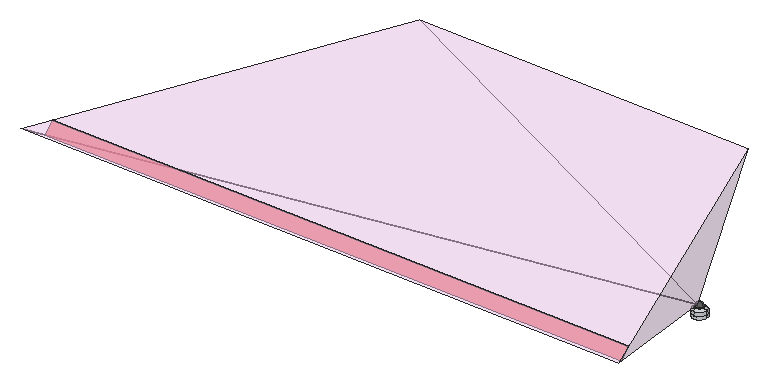
Revit family "Camera-Security-iPRO-Super_Dynamic-2MP_Vandal_Resistant_Outdoor_PTZ-_Network-WV-U65300-ZYX", category Security Devices, host Face, Revit 2020
Family settings
  Host = Face
  Maintain Annotation Orientation = No
  Round Connector Dimension = Use Diameter
  Part Type = Normal
  OmniClass Number = 23.85.10.14.11
  OmniClass Title = Cameras
  Cut with Voids When Loaded = No
  Shared = No
  Room Calculation Point = No
Parameters (values of type "WV-U65300-ZY")
  z Yaw Actual [instance] = if(and(On Wall, not(On Ceiling)), 0.00°, 180.00°)  # 180.00°
  z VV Viewpoint Depth Min = z VV Viewpoint Depth Max  # 1.28295"
  z VV Viewpoint Depth Max = 1.28295"  # constant formula
  z VV Viewpoint Depth [instance] = (z VV Viewpoint Depth Max - z VV Viewpoint Depth Min) * z HFOV Ratio + z VV Viewpoint Depth Min  # 1.28295"
  z VV Origin Height [instance] = if(and(On Ceiling, Has Embedded Ceiling Mount), 0.64173", 3.7126")  # 3.7126"
  z Tilt Actual [instance] = Tilt Actual  # 45.00°
  z Pan Actual Safe [instance] = if(Pan Actual = -180.00°, 180.00°, Pan Actual)  # 0.00°
  z Pan Actual [instance] = Pan Actual  # 0.00°
  z HFOV Ratio [instance] = (Horizontal FOV Actual - Horizontal FOV Min) / (Horizontal FOV Max - Horizontal FOV Min)  # 0.31169
  z Const Yaw Handle Length = 9.25197"  # constant formula
  z Const Yaw Base2 Length = 17.32283"  # constant formula
  z Const Yaw Base Length = 10.23622"  # constant formula
  z Const Tilt Handle Length = 11.81102"  # constant formula
  z Const Tilt Base2 Length = 19.68504"  # constant formula
  z Const Tilt Base Length = 9.84252"  # constant formula
  z Const Pan Handle Length = 19.48819"  # constant formula
  not(Has Embedded Ceiling Mount) [instance] = not(Has Embedded Ceiling Mount)  # yes
  z Camera Center Offset [instance] = 0.000"  # constant formula
  z Camera Bottom Offset [instance] = if(Has Embedded Ceiling Mount, 5.31496" - 2.24409", 0.000")  # 0.000"
  Yawing Range = "±0°"  # constant formula
  Yaw Min = 0.00°  # constant formula
  Yaw Max = 0.00°  # constant formula
  Wide Dynamic Range = (1 = 1)  # yes
  Weight [instance] = 3.53 lbf  # constant formula
  Water and Dust Resistance = "IP66, IEC60529 measuring standard compatible, Type 4X(UL50E), NEMA 4X compliant"  # constant formula
  Voltage [instance] = if(Power Supply type is PoE, 48 V, 12 V)  # 48 V
  Vertical FOV Min [instance] = if(and(Aspect Ratio 4_3, not(Aspect Ratio 16_9)), VFOV Min 43, VFOV Min 169)  # 20.00°
  Vertical FOV Max [instance] = if(and(Aspect Ratio 4_3, not(Aspect Ratio 16_9)), VFOV Max 43, VFOV Max 169)  # 60.00°
  Vertical FOV Actual [instance] = z HFOV Ratio * (Vertical FOV Max - Vertical FOV Min) + Vertical FOV Min  # 32.4675°
  Vandal Resistant = (1 = 1)  # yes
  VFOV Min 43 = 20.00°  # constant formula
  VFOV Min 169 = 20.00°  # constant formula
  VFOV Max 43 = 60.00°  # constant formula
  VFOV Max 169 = 60.00°  # constant formula
  URL = "https://i-pro.com/corp/en/"
  Tilting Range = "-30 to +90°"  # constant formula
  Tilt Min = 0.00°  # constant formula
  Tilt Max = 90.00°  # constant formula
  Tilt Desired [instance] = 45.00°
  Tilt Actual [instance] = if(Tilt Desired > Tilt Max, Tilt Max, if(Tilt Desired < Tilt Min, Tilt Min, Tilt Desired))  # 45.00°
  Super Dynamic Range = (1 = 1)  # yes
  Storage Temperature = Operational Temperature  # "-30 °C to +55 °C (-22 °F to +131 °F)"
  Show View Volume [instance] = yes
  Shock Resistance = "IK10 (IEC 62262)"  # constant formula
  Resolution_HD [instance] = not(Resolution_FullHD)  # no
  Resolution_FullHD [instance] = yes
  Regulatory Compliance = "UL (UL62368-1), c-UL (CSA C22.2 No.62368-1), CE, IEC62368-1, FCC (Part15 ClassA), ICES-003 Issue 7 ClassA, EN55032 ClassA, EN55035"  # constant formula
  Provide Feedback = "https://i-pro.com/corp/en/contact-list/"
  Product Page URL = "https://i-pro.com/global/en/surveillance/products/wv-u65300-zy"
  Product Material = Paint - i-Pro White
  Product Documentation Link = "https://bizpartner.panasonic.net/public/product/wv-u65300-zy?accordion_tab=96"
  Power Supply type is PoE [instance] = yes
  Power Supply Type [instance] = if(Power Supply type is PoE, "PoE", "DC")  # "PoE"
  Power Active [instance] = if(Power Supply type is PoE, 12.0 W, 10.7 W)  # 12.0 W
  Part Number = Model  # "WV-U65300-ZY"
  Part Description = Description  # "Security Camera, 2MP 3.1x Outdoor PTZ Network Camera, WV-U65300-ZY"
  Panning Range = "0 to +350°"  # constant formula
  Pan Min = 0.00°  # constant formula
  Pan Max = 350.00°  # constant formula
  Pan Desired [instance] = 0.00°
  Pan Actual [instance] = if(Pan Desired > Pan Max, Pan Max, if(Pan Desired < Pan Min, Pan Min, Pan Desired))  # 0.00°
  PPM Desired [instance] = 300
  PPM Actual [instance] = if(PPM Desired > 1, PPM Desired, 1)  # 300
  Original Creation Date = "2022/08/10"  # constant formula
  Operational Temperature = "-30 °C to +55 °C (-22 °F to +131 °F)"  # constant formula
  Operational Humidity = "10 to 100 % (no condensation)"  # constant formula
  On Wall [instance] = not(On Ceiling)  # no
  On Ceiling [instance] = yes
  Mounting Positions = "Mount Dependent or Surface Mount"  # constant formula
  Model Disclaimer = "Contact i-PRO for more information"  # constant formula
  Model = "WV-U65300-ZY"  # constant formula
  Minimum Illumination = 0.010 lx  # constant formula
  Manufacturer = "i-PRO Co., Ltd."  # constant formula
  Indoor Or Outdoor = "Outdoor"  # constant formula
  IP Or Analog = "IP"  # constant formula
  Horizontal Resolution Actual [instance] = if(and(Aspect Ratio 4_3, not(Aspect Ratio 16_9)), Horizontal Resolution 43, Horizontal Resolution 169)  # 1920
  Horizontal Resolution 43 [instance] = if(and(Resolution_HD, not(Resolution_FullHD)), 1280, 2048)  # 2048
  Horizontal Resolution 169 [instance] = if(and(Resolution_HD, not(Resolution_FullHD)), 1280, 1920)  # 1920
  Horizontal FOV Min [instance] = if(and(Aspect Ratio 4_3, not(Aspect Ratio 16_9)), HFOV Min 43, HFOV Min 169)  # 36.00°
  Horizontal FOV Max [instance] = if(and(Aspect Ratio 4_3, not(Aspect Ratio 16_9)), HFOV Max 43, HFOV Max 169)  # 113.00°
  Horizontal FOV Desired [instance] = 60.00°
  Horizontal FOV Actual [instance] = if(Horizontal FOV Desired > Horizontal FOV Max, Horizontal FOV Max, if(Horizontal FOV Desired < Horizontal FOV Min, Horizontal FOV Min, Horizontal FOV Desired))  # 60.00°
  Height = 5.27559"  # constant formula
  Has POE = (1 = 1)  # yes
  Has Embedded Ceiling Mount [instance] = no
  HFOV Min 43 = 26.00°  # constant formula
  HFOV Min 169 = 36.00°  # constant formula
  HFOV Max 43 = 82.00°  # constant formula
  HFOV Max 169 = 113.00°  # constant formula
  Family Version = "1.0.0"  # constant formula
  Equipment Number [instance] = ""
  Equipment Abbreviation = "SC"  # constant formula
  Distance to Screen [instance] = 393.70079"
  Distance to PPM Target [instance] = if(PPM Actual = 0, 0.000", 39.37008" * Horizontal Resolution Actual / (PPM Actual * 2 * tan(Horizontal FOV Actual / 2)))  # 218.21113"
  Distance to Floor [instance] = 118.11024"
  Distance to Ceiling [instance] = 0.000"
  Diameter = 6.10236"  # constant formula
  Description = "Security Camera, 2MP 3.1x Outdoor PTZ Network Camera, WV-U65300-ZY"  # constant formula
  Default Elevation = 0.000"
  Day Or Night = "Yes"  # constant formula
  Date Last Modified = "2022/08/10"  # constant formula
  Copyright = "Copyright © i-PRO Co., Ltd."  # constant formula
  Communication Ports = "10Base-T / 100Base-TX, RJ45 connector"  # constant formula
  Audio Out = "Yes"  # constant formula
  Audio In = "Yes"  # constant formula
  Aspect Ratio 4_3 [instance] = not(Aspect Ratio 16_9)  # no
  Aspect Ratio 16_9 [instance] = yes
  Angle Of View = "113"
  Alarm Input Or Output Specification = "ALARM IN 1 (Alarm input 1/ Black & white input/ Auto time adjustment input) (x1) ALARM IN 2 (Alarm input 2/ ALARM OUT) (x1), ALARM IN 3 (Alarm input 3/ AUX OUT) (x1)"  # constant formula
  Accessory Part Number [instance] = if(Has Embedded Ceiling Mount, "WV-QEM502-W", "Select a Mounting Option")  # "Select a Mounting Option"
Reference planes (in)
  plane 1 "Center (Front/Back)": y = 0
  plane 2: z = 0
  plane 3 "Center (Left/Right)": x = 0
  plane 4 "Body Bottom": z = 0
  plane 5: y = 0
  plane 6 "BP": z = 3.7126
  plane 7: z = 0
Lines and regions (in)
  symbolic lines, not visible
    curve 1: line (-1.15, -2.6875, 0) -> (1.15, -2.6875, 0)
Dimensions and locks (in)
  "z Camera Bottom Offset": level to plane 7
  "z VV Origin Height": plane 6 "BP" to level
  aligned and locked: plane 2 to host face
  aligned and locked: level to host face
  aligned and locked: plane 5 to nested 1
  aligned and locked: nested 2 to plane 3 "Center (Left/Right)"
  aligned and locked: nested 2 to plane 1 "Center (Front/Back)"
Automatic sketch dimensions
  host sketch curve to host sketch curve = 96.000"  (x2)
  curve 1 to plane 3 "Center (Left/Right)" = 1.150"
  plane 3 "Center (Left/Right)" to curve 1 = 1.150"
  plane 1 "Center (Front/Back)" to curve 1 = 2.6875"
Nested families (in)
  nested 1: "CeilingMount" at (0, 0, 0), Has Ceiling Mount <- "Has Embedded Ceiling Mount", Product Material <- "Product Material", type "Mount"
    with Product Material Paint - i-Pro White, Has Ceiling Mount no
  nested 2: "Camera-Security-Panasonic-ViewVolumePTYZ" at (0, 0, 3.7126), Viewpoint Depth <- "z VV Viewpoint Depth", Base Height Offset <- "z VV Origin Height", Yaw <- "z Yaw Actual", Tilt <- "Tilt Actual", Pan <- "Pan Actual", HFOV <- "Horizontal FOV Actual", VFOV <- "Vertical FOV Actual", On Wall <- "On Wall", On Ceiling <- "On Ceiling", Screen Depth <- "Distance to Screen", Floor Distance <- "Distance to Floor", Ceiling Distance <- "Distance to Ceiling", Target Depth <- "Distance to PPM Target", visible <- "Show View Volume", type "Camera-Security-Panasonic-ViewVolumePTYZ"
    with z Yaw Actual 180.00°, z Void Width 1251.99919", z Void Thickness 398.69634", z Void Height Start -625.99959", z Void Height End 625.99959", z Void Direction 0, z Void Angle 0.00°, z Viewpoint Depth 1.28295", z Tilt Actual 45.00°, z Target Width 251.9685", z Target Visible yes, z Target Height 127.07134", z Target Depth 219.49408", z Screen Width 454.60651", z Screen Height 229.2646", z Screen Depth 394.98374", z Pan Actual 0.00°, z Floor Distance 118.11024", z Ceiling Distance 0.000", Yaw 180.00°, Viewpoint Origin Horizontal Offset 0.000", Viewpoint Depth 1.28295", VFOV 32.4675°, Tilt 45.00°, Target Depth 218.21113", Screen Depth 393.70079", Pan 0.00°, On Wall no, On Floor no, On Default Mount Type 0, On Ceiling yes, HFOV 60.00°, Floor Distance 118.11024", Ceiling Distance 0.000", Base Height Offset 3.7126", Base Angle Offset 0.00°
  nested 3: "CameraBody WV-U65300-ZY" at (0, 0, 0), Body Visible <- "not(Has Embedded Ceiling Mount)", type "CameraBody WV-U65300-ZY"
    with Product Material none, Body Visible yes
Connectors (in)
  electrical at (0, 0, 0), driven by "Voltage", driven by "Power Active", driven by "Power Active"
    settings: index 1, voltage 48 V, apparent load 12.0 W, apparent load phase1 12.0 W, apparent load phase2 0.0 W, apparent load phase3 0.0 W, power factor 1, load classification "Other", number of poles 1, system type 30, power factor state 1, is connector primary yes, connector utility no, sub classification motor no, connector description "Electrical Connection"
  electrical at (0, 0, 0)
    settings: index 2, voltage 0 V, apparent load 0.0 W, apparent load phase1 0.0 W, apparent load phase2 0.0 W, apparent load phase3 0.0 W, power factor 1, load classification "Other", number of poles 1, system type 5, power factor state 1, is connector primary no, connector utility no, sub classification motor no, connector description "Data Connection"
Definition of nested family "Camera-Security-Panasonic-ViewVolumePTYZ"
  Parameters
    z Yaw Actual [instance] = if(Yaw < 0.00°, 360.00° - (abs(Yaw) - rounddown(abs(Yaw) / 360.00°) * 360.00°), Yaw - rounddown(Yaw / 360.00°) * 360.00°)  # 0.00°
    z Void Width [instance] = if(z Screen Width > z Screen Height, z Screen Width, z Screen Height) + abs(Viewpoint Origin Horizontal Offset) + z Void Thickness * 2  # 1265.63013"
    z Void Thickness [instance] = z Screen Depth + abs(Base Height Offset)  # 405.51181"
    z Void Height Start [instance] = -z Void Width / 2  # -632.81507"
    z Void Height End [instance] = z Void Width / 2  # 632.81507"
    z Void Direction [instance] = if((if(On Wall, 1, 0) + if(On Floor, 1, 0) + if(On Ceiling, 1, 0)) = 1, if(On Ceiling, 0, if(On Wall, 1, 2)), On Default Mount Type)  # 0
    z Viewpoint Depth [instance] = if(Viewpoint Depth < 0.03937", 0.03937", Viewpoint Depth)  # 5.90551"
    z Tilt Actual [instance] = if(Tilt < 0.00°, 360.00° - (abs(Tilt) - rounddown(abs(Tilt) / 360.00°) * 360.00°), Tilt - rounddown(Tilt / 360.00°) * 360.00°)  # 45.00°
    z Target Visible [instance] = not(Screen Depth < Target Depth)  # yes
    z Target Thickness Start = -z Target Thickness / 2  # -0.03937"
    z Target Thickness End = z Target Thickness / 2  # 0.03937"
    z Target Depth [instance] = Target Depth + Viewpoint Depth  # 84.64567"
    z Pan Actual [instance] = if(Pan < 0.00°, 360.00° - (abs(Pan) - rounddown(abs(Pan) / 360.00°) * 360.00°), Pan - rounddown(Pan / 360.00°) * 360.00°)  # 0.00°
    z Floor Distance [instance] = if(z Void Direction = 2, if(Floor Distance < 0.000", 0.000", Floor Distance), if(Floor Distance < 0.3937", 0.3937", Floor Distance))  # 118.11024"
    z Const Yaw Base2 Length = 17.32283"  # constant formula
    z Const Tilt Base2 Length = 19.68504"  # constant formula
    z Ceiling Distance [instance] = if(z Void Direction = 2, if(Ceiling Distance < 0.3937", 0.3937", Ceiling Distance), if(Ceiling Distance < 0.000", 0.000", Ceiling Distance))  # 0.000"
    z Const Void Handle Length = 23.62205"  # constant formula
    z Void Angle [instance] = if(z Void Direction = 0, 0.00° + Base Angle Offset, if(z Void Direction = 1, 90.00° + Base Angle Offset, 180.00° + Base Angle Offset))  # 0.00°
    z Screen Depth [instance] = if(Screen Depth < 3.93701", 3.93701" + Viewpoint Depth, Screen Depth + Viewpoint Depth)  # 399.6063"
    Original Creation Date = "September, 15, 2016"  # constant formula
    On Default Mount Type [instance] = 0
    Manufacturer = "Panasonic"  # constant formula
    Family Version = "1.0.0"  # constant formula
    Default Elevation = 48.000"
    Date Last Modified = "September, 15, 2016"  # constant formula
    Copyright = "Copyright © Panasonic"  # constant formula
    Base Height Offset [instance] = 5.90551"
    Base Angle Offset [instance] = 0.00°
    z Viewpoint Width = 0.03937"  # constant formula
    z Viewpoint Height = 0.03937"  # constant formula
    VFOV [instance] = 33.75°
    z Target Width [instance] = Target Depth * tan(HFOV / 2) * 2  # 90.9213"
    z Target Thickness = 0.07874"  # constant formula
    z Target Height [instance] = Target Depth * tan(VFOV / 2) * 2  # 47.77113"
    Target Depth [instance] = 78.74016"
    z Screen Width [instance] = (z Screen Depth - Viewpoint Depth) * tan(HFOV / 2) * 2  # 454.60651"
    z Screen Height [instance] = (z Screen Depth - Viewpoint Depth) * tan(VFOV / 2) * 2  # 238.85566"
    Screen Depth [instance] = 393.70079"
    z Const Yaw Handle Length = 9.25197"  # constant formula
    z Const Yaw Base Length = 10.23622"  # constant formula
    Viewpoint Depth [instance] = 5.90551"
    Viewpoint Origin Horizontal Offset [instance] = 0.000"
    z Const Tilt Handle Length = 14.17323"  # constant formula
    z Const Tilt Base Length = 9.84252"  # constant formula
    z Const Pan Handle Length = 19.68504"  # constant formula
    z Const Pan Axis Length = 15.74803"  # constant formula
    On Wall [instance] = no
    On Floor [instance] = no
    On Ceiling [instance] = yes
    HFOV [instance] = 60.00°
    Yaw [instance] = 0.00°
    Tilt [instance] = 45.00°
    Pan [instance] = 0.00°
    Floor Distance [instance] = 118.11024"
    Ceiling Distance [instance] = 0.000"
  Reference planes (in)
    plane 1 "Center (Front/Back)": y = 0
    plane 2: z = 0
    plane 3 "Center (Left/Right)": x = 0
    plane 4 "VoidOffsetBase": z = -5.90551
  Forms (in)
    Extrusion 1, void
      sketch origin (0, 0, -5.90551) x (0, 0, 1) y (0, -1, 0)
        loop
          line (523.62205, 632.81507) -> (118.11024, 632.81507) -> (118.11024, -632.81507) -> (523.62205, -632.81507) -> (523.62205, 632.81507)
        loop
          line (0, 632.81507) -> (-405.51181, 632.81507) -> (-405.51181, -632.81507) -> (0, -632.81507) -> (0, 632.81507)
      from -632.81507 <- "z Void Height Start" to 632.81507 <- "z Void Height End"
    Blend 2, solid
      base sketch origin (0, -4.17583, 4.17583) x (0, 0.707107, 0.707107) y (-1, 0, 0)
        loop
          line (-0.01969, -0.01969) -> (0.01969, -0.01969) -> (0.01969, 0.01969) -> (-0.01969, 0.01969) -> (-0.01969, -0.01969)
      top sketch origin (0, -282.56432, 282.56432) x (0, 0.707107, 0.707107) y (-1, 0, 0)
        loop
          line (-119.42783, -227.30326) -> (119.42783, -227.30326) -> (119.42783, 227.30326) -> (-119.42783, 227.30326) -> (-119.42783, -227.30326)
      from 0 to 0
    Extrusion 3, solid, visible <- "z Target Visible"
      sketch origin (0, -59.85353, 59.85353) x (0, 0.707107, 0.707107) y (-1, 0, 0)
        loop
          line (-23.88557, -45.46065) -> (23.88557, -45.46065) -> (23.88557, 45.46065) -> (-23.88557, 45.46065) -> (-23.88557, -45.46065)
      from -0.03937 <- "z Target Thickness Start" to 0.03937 <- "z Target Thickness End"
  Cuts and joins
    Extrusion 1 cuts Blend 2
    Extrusion 1 cuts Extrusion 3
  Lines and regions (in)
    reference lines
      curve 1: line (0, 0, 0) -> (19.68504, 0, 0)
      curve 2: line (0, 0, -15.74803) -> (0, 0, 0)
      curve 3: line (0, 0, 0) -> (0, -9.84252, 0)
      curve 4: line (0, 0, 0) -> (0, 0, 19.68504)
      curve 5: line (0, -10.02199, 10.02199) -> (0, 0, 0)
      curve 6: line (0, 0, 0) -> (0, 7.2381, 7.2381)
      curve 7: line (0, 0, 0) -> (-17.32283, 0, 0)
      curve 8: line (0, 0, 0) -> (-9.25197, 0, 0)
      curve 9: line (0, -4.17583, 4.17583) -> (0, 0, 0)
      curve 10: line (0, 0, 0) -> (0, -59.85353, 59.85353)
      curve 11: line (0, 0, 0) -> (0, -282.56432, 282.56432)
      curve 12: line (-0.01969, -4.16191, 4.18975) -> (0.01969, -4.16191, 4.18975)
      curve 13: line (-0.01969, -4.18975, 4.16191) -> (0.01969, -4.18975, 4.16191)
      curve 14: line (-0.01969, -4.16191, 4.18975) -> (-0.01969, -4.18975, 4.16191)
      curve 15: line (0.01969, -4.16191, 4.18975) -> (0.01969, -4.18975, 4.16191)
      curve 16: line (-45.46065, -42.96388, 76.74317) -> (45.46065, -42.96388, 76.74317)
      curve 17: line (-45.46065, -76.74317, 42.96388) -> (45.46065, -76.74317, 42.96388)
      curve 18: line (-45.46065, -42.96388, 76.74317) -> (-45.46065, -76.74317, 42.96388)
      curve 19: line (45.46065, -42.96388, 76.74317) -> (45.46065, -76.74317, 42.96388)
      curve 20: line (-227.30326, -198.1161, 367.01255) -> (-227.30326, -367.01255, 198.1161)
      curve 21: line (227.30326, -198.1161, 367.01255) -> (227.30326, -367.01255, 198.1161)
      curve 22: line (-227.30326, -198.1161, 367.01255) -> (227.30326, -198.1161, 367.01255)
      curve 23: line (-227.30326, -367.01255, 198.1161) -> (227.30326, -367.01255, 198.1161)
      curve 24: line (0, 0, -5.90551) -> (0, 0, 17.71654)
      curve 25: line (0, -632.81507, 517.71654) -> (0, 632.81507, 517.71654)
      curve 26: line (0, -632.81507, 112.20472) -> (0, -632.81507, 517.71654)
      curve 27: line (0, 632.81507, 112.20472) -> (0, -632.81507, 112.20472)
      curve 28: line (0, 632.81507, 517.71654) -> (0, 632.81507, 112.20472)
      curve 29: line (0, -632.81507, -5.90551) -> (0, 632.81507, -5.90551)
      curve 30: line (0, -632.81507, -411.41732) -> (0, -632.81507, -5.90551)
      curve 31: line (0, 632.81507, -411.41732) -> (0, -632.81507, -411.41732)
      curve 32: line (0, 632.81507, -5.90551) -> (0, 632.81507, -411.41732)
  Dimensions and locks (in)
    "z Const Pan Handle Length": curve 1 to curve 1
    "z Const Pan Axis Length": curve 2 to curve 2
    "z Const Tilt Base Length": curve 3 to curve 3
    "z Const Pan Axis Length": curve 1 to curve 2
    "Viewpoint Origin Horizontal Offset": curve 4 to curve 2
    "z Const Tilt Base2 Length": curve 4 to curve 4
    "z Const Tilt Handle Length": curve 5 to curve 5
    "z Const Yaw Base Length": curve 6 to curve 6
    "z Const Yaw Base2 Length": curve 7 to curve 7
    "z Const Yaw Handle Length": curve 8 to curve 8
    "z Viewpoint Depth": curve 9 to curve 9
    "z Target Depth": curve 10 to curve 10
    "z Screen Depth": curve 11 to curve 11
    equal spacing: curve 13, curve 9, curve 12
    "z Viewpoint Height": curve 13 to curve 12
    equal spacing: curve 14, curve 9, curve 15
    "z Viewpoint Width": curve 14 to curve 15
    equal spacing: curve 17, curve 10, curve 16
    "z Target Height": curve 17 to curve 16
    equal spacing: curve 18, curve 10, curve 19
    "z Target Width": curve 18 to curve 19
    equal spacing: curve 20, curve 11, curve 21
    "z Screen Width": curve 20 to curve 21
    equal spacing: curve 23, curve 11, curve 22
    "z Screen Height": curve 23 to curve 22
    "z Const Void Handle Length": curve 24 to curve 24
    equal spacing: curve 26, curve 24, curve 28
    "z Void Width": curve 26 to curve 28
    "z Floor Distance": curve 27 to curve 24
    "z Ceiling Distance": curve 29 to curve 24
    "z Void Thickness": curve 31 to curve 29
    "z Void Thickness": curve 25 to curve 27
    "Base Height Offset": level to plane 4 "VoidOffsetBase"
    locked: curve 3 to curve 2 (angle 90.00°)
    locked: curve 3 to curve 4 (angle 90.00°)
    "z Tilt Actual": angle curve 4 to curve 5
    locked: curve 6 to curve 7 (angle 90.00°)
    locked: curve 6 to curve 5 (angle 90.00°)
    locked: curve 9 to curve 5 (angle 0.00°)
    locked: curve 10 to curve 5 (angle 0.00°)
    locked: curve 11 to curve 5 (angle 0.00°)
    "z Void Angle": angle plane 1 "Center (Front/Back)" to curve 24
    "z Yaw Actual": angle curve 7 to curve 8
    "z Pan Actual": angle plane 1 "Center (Front/Back)" to curve 1
    aligned and locked: level to plane 2
    aligned and locked: curve 2 to curve 1
    aligned and locked: curve 2 to curve 3
    aligned and locked: curve 3 to curve 2
    aligned and locked: curve 3 to curve 5
    aligned and locked: curve 6 to curve 7
    aligned and locked: curve 6 to curve 8
    aligned and locked: curve 8 to curve 7
    aligned and locked: curve 7 to curve 6
    aligned and locked: curve 5 to curve 11
    aligned and locked: curve 11 to curve 8
    aligned and locked: curve 12 to curve 15
    aligned and locked: curve 15 to curve 15
    aligned and locked: curve 14 to curve 14
    aligned and locked: curve 13 to curve 15
    aligned and locked: curve 16 to curve 19
    aligned and locked: curve 18 to curve 18
    aligned and locked: curve 17 to curve 19
    aligned and locked: curve 22 to curve 22
    aligned and locked: curve 21 to curve 23
    aligned and locked: curve 20 to curve 23
    aligned and locked: curve 23 to curve 23
    aligned and locked: plane 1 "Center (Front/Back)" to curve 24
    aligned and locked: curve 30 to curve 26
    aligned and locked: curve 28 to curve 32
    aligned and locked: Extrusion 1 sketch curve to curve 25
    aligned and locked: Extrusion 1 sketch curve to curve 26
    aligned and locked: Extrusion 1 sketch curve to curve 27
    aligned and locked: Extrusion 1 sketch curve to curve 28
    aligned and locked: Extrusion 1 sketch curve to curve 29
    aligned and locked: Extrusion 1 sketch curve to curve 30
    aligned and locked: Extrusion 1 sketch curve to curve 31
    aligned and locked: Extrusion 1 sketch curve to curve 32
    aligned and locked: Extrusion 1 sketch curve to Extrusion 1 sketch curve  (x8)
    aligned and locked: Blend 2 sketch curve to curve 15
    aligned and locked: Blend 2 sketch curve to curve 13
    aligned and locked: Blend 2 sketch curve to curve 14
    aligned and locked: Blend 2 sketch curve to curve 12
    aligned and locked: Blend 2 sketch curve to Blend 2 sketch curve  (x8)
    aligned and locked: Blend 2 sketch curve to curve 21
    aligned and locked: Blend 2 sketch curve to curve 23
    aligned and locked: Blend 2 sketch curve to curve 20
    aligned and locked: Blend 2 sketch curve to curve 22
    aligned and locked: Extrusion 3 sketch curve to curve 19
    aligned and locked: Extrusion 3 sketch curve to curve 17
    aligned and locked: Extrusion 3 sketch curve to curve 18
    aligned and locked: Extrusion 3 sketch curve to curve 16
    aligned and locked: Extrusion 3 sketch curve to Extrusion 3 sketch curve  (x4)
    aligned and locked: plane 3 "Center (Left/Right)" to curve 1
    aligned and locked: plane 1 "Center (Front/Back)" to curve 1
    aligned and locked: level to curve 2
    aligned and locked: plane 4 "VoidOffsetBase" to curve 24
  Automatic sketch dimensions
    curve 6 to curve 5 = 0.000"
    curve 6 to curve 5 = 10.23622"
Definition of nested family "CameraBody WV-U65300-ZY"
  Parameters (values of type "CameraBody WV-U65300-ZY")
    Product Material [instance] = none
    Body Visible [instance] = yes
    Default Elevation = 48.000"
  Reference planes (in)
    plane 1 "Center (Front/Back)": y = 0
    plane 2: z = 0
    plane 3 "Center (Left/Right)": x = 0
    plane 4: z = 5.31496
    plane 5: x = 3.05118
    plane 6: z = 3.66142
    plane 7: x = 1.65354
    plane 8: z = 3.40551
  Forms (in)
    Extrusion 1, solid
      sketch origin (0, 0, 0) x (1, 0, 0) y (0, 1, 0)
        loop
          line (-48, 48) -> (-48, -48) -> (48, -48) -> (48, 48) -> (-48, 48)
      from 0 to -12
    Revolve 2, solid, material <- "Product Material", visible <- "Body Visible"
      sketch origin (0, 0, 0) x (1, 0, 0) y (0, 0, 1)
        loop
          line (0, 0) -> (3.05118, 0) -> (3.00293, 1.17151) -> (2.82417, 1.17151) -> (2.82417, 1.34168) -> (2.99592, 1.34168) -> (2.94924, 2.4749) -> (2.01863, 3.40551) -> (0, 3.40551) -> (0, 0)
        axis (0, 3.40551) -> (0, 0)
      angle from 0 to 360
    Revolve 3, solid, visible <- "Body Visible"
      sketch origin (0, 0, 0) x (1, 0, 0) y (0, 0, 1)
        loop
          line (0, 3.40551) -> (1.65354, 3.40551) -> (1.65354, 3.66142)
          arc (1.65354, 3.66142) -> (1.16923, 4.83065) -> (0, 5.31496) r 1.65354
          line (0, 5.31496) -> (0, 3.40551)
        axis (0, 5.31496) -> (0, 3.40551)
      angle from 0 to 360
  Dimensions and locks (in)
    locked: plane 4 to level at 5.31496
    locked: plane 5 to plane 3 "Center (Left/Right)" at 3.05118
    locked: plane 4 to plane 6 at 1.65354
    locked: plane 7 to plane 3 "Center (Left/Right)" at 1.65354
    locked: plane 8 to level at 3.40551
    aligned and locked: plane 2 to Extrusion 1
    aligned and locked: level to Extrusion 1
    aligned and locked: Revolve 2 sketch curve to level
    aligned and locked: Revolve 2 sketch curve to plane 3 "Center (Left/Right)"
    aligned and locked: Revolve 3 sketch curve to plane 3 "Center (Left/Right)"
    aligned and locked: plane 7 to Revolve 3 sketch curve
    aligned and locked: Revolve 3 sketch curve to plane 8
Definition of nested family "CeilingMount"
  Parameters (values of type "Mount")
    URL = "http://panasonic.net"
    Product Material [instance] = none
    Part Number = Model  # "WV-QEM500-W"
    Model = "WV-QEM500-W"  # constant formula
    Manufacturer = "Panasonic"
    Keynote = ""
    Has Ceiling Mount [instance] = yes
    Default Elevation = 0.000"
    Assembly Code = ""
  Reference planes (in)
    plane 1 "Center (Front/Back)": y = 0
    plane 2: z = 0
    plane 3 "Center (Left/Right)": x = 0
    plane 4: z = 0.51181
    plane 5: z = 0.27559
    plane 6: z = 0
    plane 7: x = -1.67323
    plane 8: x = -4.17323
    plane 9: z = 2.24409
  Forms (in)
    Extrusion 1, solid
      sketch origin (0, 0, 0) x (1, 0, 0) y (0, 1, 0)
        loop
          line (-48, 48) -> (-48, -48) -> (48, -48) -> (48, 48) -> (-48, 48)
      from 0 to -12
    Revolve 2, solid, visible <- "Has Ceiling Mount"
      sketch origin (0, 0, 0) x (1, 0, 0) y (0, 0, 1)
        loop
          line (-4.17323, 0.27559) -> (-4.17323, 0) -> (-1.67323, 0) -> (-1.67323, 0.51181) -> (-3.66665, 0.51181) -> (-4.17323, 0.27559)
        axis (0, 0.51181) -> (0, 0)
      angle from 0 to 360
    Revolve 3, solid, visible <- "Has Ceiling Mount"
      sketch origin (0, 0, 0) x (1, 0, 0) y (0, 0, 1)
        loop
          line (0, 2.24409) -> (0, 0.51181) -> (1.73228, 0.51181)
          arc (1.73228, 0.51181) -> (1.22491, 1.73672) -> (0, 2.24409) r 1.73228
        axis (0, 2.24409) -> (0, 0.51181)
      angle from 0 to 360
  Dimensions and locks (in)
    locked: plane 5 to plane 6 at 0.27559
    plane 4 to plane 6 = 0.51181"
    locked: plane 3 "Center (Left/Right)" to plane 8 at 4.17323
    locked: plane 3 "Center (Left/Right)" to plane 7 at 1.67323
    locked: plane 9 to level at 2.24409
    aligned and locked: plane 2 to Extrusion 1
    aligned and locked: level to Extrusion 1
    aligned and locked: plane 6 to level
